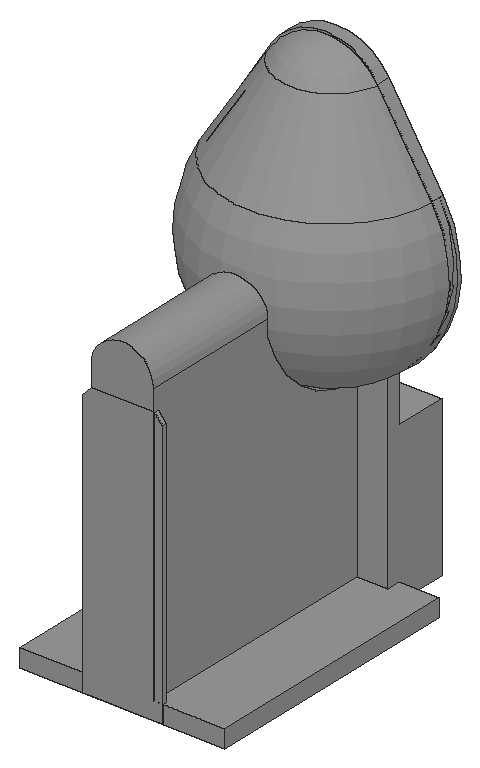
Revit family "Toilet-Willoughby-ETWS-1490-FM-BS", category Plumbing Fixtures, Revit 2015
Parameters (values of type "Standard")
  Waste DIA = 2 3/8"
  Waste Connection = yes
  W-RAD [instance] = Waste DIA / 2  # 0' - 1 3/16"
  Vent Connection = no
  URL = "https://www.willoughby-ind.com/wp-content/uploads/2018/01/ETW-1490-FM-HC.pdf"
  Type Comments = ""
  Revision = "A"
  Model = "ETW-1490-FM-BS"
  Manufacturer = "Willoughby Industries"
  HW Connection = no
  Flush inlet DIA = 1 1/2"
  Flush Inlet Connection = yes
  Fixture Body = Stainless Steel AISI 304-Willoughby
  F-RAD [instance] = Flush inlet DIA / 2  # 0' - 0 3/4"
  Description = "Floor Mounted Siphon Jet Flush Toilet, Back Spud"
  Default Elevation = 0' - 0"
  Contact Number = "(800) 428-4065"
  CW Connection = no
Reference planes (in)
  plane 1 "Base": y = -16.25
  plane 2: z = 0
  plane 3 "Center": x = 18.31072
  plane 4 "Seat HGT": y = -1.25
  plane 5: z = -6.75
  plane 6: y = -2.125
  plane 7: y = -14.0625
  plane 8 "Flush HGT": y = 0.5
  plane 9: x = 16.56072
  plane 10: x = 20.06072
  plane 11: x = 12.56072
  plane 12: x = 24.06072
  plane 13 "Waste HGT": y = -10.75
  plane 14: z = 8.875
Forms (in)
  Extrusion 1, solid, material "Stainless Steel AISI 304-Willoughby" <- "Fixture Body"
    sketch origin (16.08109, 7.47968, -5.1422) x (-1, 0, 0) y (0, 0, -1)
      loop
        line (1.29775, -16.80087) -> (1.29775, -5.1422) -> (-5.72963, -5.1422) -> (-5.72963, -16.81676)
        arc (-5.72963, -16.81676) -> (-8.98136, -21.11843) -> (-8.21015, -26.45542) r 7
        line (-8.21015, -26.45542) -> (-5.16818, -31.31054)
        arc (-5.16818, -31.31054) -> (-2.20225, -32.95225) -> (0.76368, -31.31054) r 3.5
        line (0.76368, -31.31054) -> (3.80565, -26.45542)
        arc (3.80565, -26.45542) -> (4.5729, -21.10311) -> (1.29775, -16.80087) r 7
      loop
        arc (2.03989, -24.70557) -> (-2.20225, -18.23804) -> (-6.44438, -24.70557) r 4.625
        line (-6.44438, -24.70557) -> (-4.04125, -30.23842)
        arc (-4.04125, -30.23842) -> (-2.20225, -31.45225) -> (-0.36324, -30.23842) r 2
        line (-0.36324, -30.23842) -> (2.03989, -24.70557)
    from 8.72968 to 9.5
  Revolve 2, solid, material "Stainless Steel AISI 304-Willoughby" <- "Fixture Body"
    sketch origin (19.37246, -1.52032, -1.93826) x (-1, 0, 0) y (0, 0, -1)
      loop
        line (1.06174, -12.59906) -> (1.06174, -12.84906)
        arc (1.06174, -12.84906) -> (6.96784, -16.33096) -> (6.78077, -23.18447) r 6.75
        line (6.78077, -23.18447) -> (3.81535, -27.91457)
        arc (3.81535, -27.91457) -> (2.63527, -29.03194) -> (1.06174, -29.43826) r 3.25
        line (1.06174, -29.43826) -> (1.06174, -29.68826)
        arc (1.06174, -29.68826) -> (2.75672, -29.25045) -> (4.02767, -28.04656) r 3.5
        line (4.02767, -28.04656) -> (7.06964, -23.19143)
        arc (7.06964, -23.19143) -> (7.15052, -16.14555) -> (1.06174, -12.59906) r 7
      axis (1.06174, -12.59906) -> (1.06174, -29.68826)
    angle from 0 to -180
  Extrusion 3, solid, material "Stainless Steel AISI 304-Willoughby" <- "Fixture Body"
    sketch origin (19.53334, -3.02032, -2.9508) x (0, 1, 0) y (0, 0, 1)
      loop
        line (-5.27082, 2.9508) -> (1, 2.9508) -> (1, 13.76086)
        arc (1, 13.76086) -> (-2.93256, 15.26109) -> (-5.27082, 18.76086) r 6.92744
        line (-5.27082, 18.76086) -> (-5.27082, 2.9508)
    from 0.52738 to -2.97262
  Extrusion 4, solid, material "Stainless Steel AISI 304-Willoughby" <- "Fixture Body"
    sketch origin (0, 14.59309, -3) x (1, 0, 0) y (0, 1, 0)
      loop
        circle (18.31072, -25.34309) r 1.1875
    from 5.5 to 0
  Extrusion 5, solid, material "Stainless Steel AISI 304-Willoughby" <- "Fixture Body"
    sketch origin (18.31072, 0, -1) x (0, 1, 0) y (0, 0, 1)
      loop
        line (-1.25, 1) -> (1.75, 1) -> (1.75, 9.875) -> (-1.25, 9.875) -> (-1.25, 1)
    from -3.52738 to 3.5
  Extrusion 6, solid, material "Stainless Steel AISI 304-Willoughby" <- "Fixture Body"
    sketch origin (0, 0, 0) x (1, 0, 0) y (0, 1, 0)
      loop
        circle (18.31072, 0.5) r 0.75
    from 0 to 1
  Extrusion 7, solid, material "Stainless Steel AISI 304-Willoughby" <- "Fixture Body"
    sketch origin (0, -16.25, 0) x (1, 0, 0) y (0, 0, 1)
      loop
        line (24.06072, 0) -> (24.06072, 1) -> (12.56072, 1) -> (12.56072, 0) -> (24.06072, 0)
    from -15 to 0
  Extrusion 8, solid, material "Stainless Steel AISI 304-Willoughby" <- "Fixture Body"
    sketch origin (0, -16.25, 2) x (1, 0, 0) y (0, 0, 1)
      loop
        line (20.06072, -2) -> (20.06072, 14.68252)
        arc (20.06072, 14.68252) -> (18.31072, 16.43252) -> (16.56072, 14.68252) r 1.75
        line (16.56072, 14.68252) -> (16.56072, -2) -> (20.06072, -2)
    from 0 to -7.95886
  Extrusion 9, solid, material "Stainless Steel AISI 304-Willoughby" <- "Fixture Body"
    sketch origin (0, -16.25, 0) x (1, 0, 0) y (0, 0, 1)
      loop
        line (20.06072, 0) -> (20.56072, 0) -> (20.56072, 15) -> (20.06072, 15.5) -> (16.56072, 15.5) -> (16.06072, 15) -> (16.06072, 0) -> (16.56072, 0) -> (20.06072, 0)
    from 0 to -0.25
Cuts and joins
  joined: Extrusion 1, Extrusion 3, Extrusion 5, Extrusion 7, Extrusion 8
Lines and regions (in)
  symbolic lines
    curve 1: line (11.28334, -2.02032, 0) -> (11.28334, -1.25, 0)
    curve 2: line (11.28334, -1.25, 0) -> (25.28334, -1.25, 0)
    curve 3: line (25.28334, -1.25, 0) -> (25.28334, -2.02032, 0)
    curve 4: arc (25.28334, -2.02032, 0) -> (23.10884, -6.6633, 0) -> (18.31072, -8.46988, 0) r 6.80317
    curve 5: arc (18.31072, -8.46988, 0) -> (13.52391, -6.63228, 0) -> (11.28334, -2.02032, 0) r 6.98154
    curve 6: line (24.06072, -5.57312, 0) -> (24.06072, -16.25, 0)
    curve 7: line (24.06072, -16.25, 0) -> (12.56072, -16.25, 0)
    curve 8: line (12.56072, -16.25, 0) -> (12.56072, -5.54271, 0)
    curve 9: line (20.06072, -8.28823, 0) -> (20.06072, -16.25, 0)
    curve 10: line (16.56072, -8.26408, 0) -> (16.56072, -16.25, 0)
    curve 11: line (16.56072, -16, 0) -> (16.06072, -16, 0)
    curve 12: line (16.06072, -16, 0) -> (16.06072, -16.25, 0)
    curve 13: line (20.06072, -16, 0) -> (20.56072, -16, 0)
    curve 14: line (20.56072, -16, 0) -> (20.56072, -16.25, 0)
    curve 15: line (14.78334, -16.25, 11.65867) -> (14.78334, -16.25, 0)
    curve 16: line (21.81072, -16.25, 11.67456) -> (21.81072, -16.25, 0)
    curve 17: line (21.81072, -16.25, 0) -> (14.78334, -16.25, 0)
    curve 18: line (14.78334, -16.25, 1) -> (12.56072, -16.25, 1)
    curve 19: line (12.56072, -16.25, 1) -> (12.56072, -16.25, 0)
    curve 20: line (21.81072, -16.25, 1) -> (24.06072, -16.25, 1)
    curve 21: line (24.06072, -16.25, 1) -> (24.06072, -16.25, 0)
    curve 23: arc (21.81072, -16.25, 11.67456) -> (25.08309, -16.25, 15.93539) -> (24.31862, -16.25, 21.25317) r 6.91677
    curve 24: line (24.31862, -16.25, 21.25317) -> (21.25205, -16.25, 26.1639)
    curve 25: arc (21.25205, -16.25, 26.1639) -> (19.99152, -16.25, 27.34663) -> (18.31072, -16.25, 27.75) r 3.3743
    curve 26: arc (18.31072, -16.25, 27.75) -> (16.6278, -16.25, 27.31167) -> (15.31741, -16.25, 26.16835) r 3.79289
    curve 27: line (15.31741, -16.25, 26.16835) -> (12.35249, -16.25, 21.43905)
    curve 28: arc (12.35249, -16.25, 21.43905) -> (11.49002, -16.25, 16.03241) -> (14.78334, -16.25, 11.65867) r 7
    curve 34: line (18.31072, -8.46852, 18.44021) -> (18.31072, -16.25, 18.44021)
    curve 35: line (18.31072, -16.25, 18.44021) -> (18.31072, -16.25, 0)
    curve 36: line (18.31072, -16.25, 0) -> (18.31072, 1.75, 0)
    curve 37: line (18.31072, 1.75, 0) -> (18.31072, 1.75, 8.875)
    curve 38: line (18.31072, 1.75, 8.875) -> (18.31072, -1.25, 8.875)
    curve 39: line (18.31072, -1.25, 8.875) -> (18.31072, -1.25, 27.81005)
    curve 40: line (18.31072, -1.25, 27.81005) -> (18.31072, -2.02032, 27.81005)
    curve 41: arc (18.31072, -2.02032, 27.81005) -> (18.31072, -3.34572, 27.26246) -> (18.31072, -4.38505, 26.27438) r 3.91547
    curve 42: line (18.31072, -4.38505, 26.27438) -> (18.31072, -7.52822, 21.25317)
    curve 43: arc (18.31072, -7.52822, 21.25317) -> (18.31072, -8.16561, 19.90259) -> (18.31072, -8.46852, 18.44021) r 6.32393
    curve 44: arc (18.31072, -8.29114, 15.81005) -> (18.31072, -8.29902, 17.13058) -> (18.31072, -8.46852, 18.44021) r 10.76525
    curve 45: arc (18.31072, -8.29114, 15.81005) -> (18.31072, -5.95289, 12.31029) -> (18.31072, -2.02032, 10.81005) r 6.92744
    curve 46: line (18.31072, -2.02032, 10.81005) -> (18.31072, -2.02032, 11.65867)
    curve 47: line (18.31072, -2.02032, 11.65867) -> (18.31072, -1.25, 11.65867)
    curve 48: line (18.31072, -2.02032, 10.81005) -> (18.31072, -2.02032, 1)
    curve 49: line (18.31072, -1.25, 0) -> (18.31072, -1.25, 1)
    curve 50: line (18.31072, -1.25, 1) -> (18.31072, -16.25, 1)
  symbolic lines, detail levels medium+fine
    curve 22: line (21.81072, -16.25, 8.875) -> (14.78334, -16.25, 8.875)
  symbolic lines, detail levels fine
    curve 29: arc (14.0412, -16.25, 19.56337) -> (18.28334, -16.25, 13.09585) -> (22.52547, -16.25, 19.56337) r 4.625
    curve 30: line (22.52547, -16.25, 19.56337) -> (20.12234, -16.25, 25.09622)
    curve 31: arc (20.12234, -16.25, 25.09622) -> (19.38317, -16.25, 25.97635) -> (18.28334, -16.25, 26.31005) r 2.01767
    curve 32: arc (18.28334, -16.25, 26.31005) -> (17.17969, -16.25, 25.98213) -> (16.44433, -16.25, 25.09622) r 1.9827
    curve 33: line (16.44433, -16.25, 25.09622) -> (14.0412, -16.25, 19.56337)
Dimensions and locks (in)
  plane 1 "Base" to plane 4 "Seat HGT" = 1' - 3"
  plane 13 "Waste HGT" to plane 1 "Base" = 0' - 5 1/2"
  plane 1 "Base" to plane 13 "Waste HGT" = 0' - 5 1/2"
  plane 1 "Base" to plane 8 "Flush HGT" = 1' - 4 3/4"
  plane 11 to plane 12 = 0' - 11 1/2"
  plane 11 to plane 3 "Center" = 0' - 5 3/4"
  "W-RAD": radius of Extrusion 4 sketch curve
  "F-RAD": radius of Extrusion 6 sketch curve
  aligned and locked: plane 3 "Center" to Extrusion 4 sketch curve
  aligned and locked: plane 8 "Flush HGT" to Extrusion 6 sketch curve
  aligned and locked: plane 3 "Center" to Extrusion 6 sketch curve
  aligned and locked: plane 13 "Waste HGT" to Extrusion 4 sketch curve
  aligned and locked: level to cut or joined group of Extrusion 1, Extrusion 3, Extrusion 5, Extrusion 7, Extrusion 8
  aligned and locked: cut or joined group of Extrusion 1, Extrusion 3, Extrusion 5, Extrusion 7, Extrusion 8 to cut or joined group of Extrusion 1, Extrusion 3, Extrusion 5, Extrusion 7, Extrusion 8  (x2)
Automatic sketch dimensions
  Extrusion 1 sketch curve to Extrusion 1 sketch curve = 0' - 0"  (x8)
  level to Extrusion 1 sketch curve = 0' - 0"
  plane 3 "Center" to Extrusion 1 sketch curve = 0' - 5.98052"
  Extrusion 1 sketch curve to Extrusion 1 sketch curve = 0' - 1.76576"  (x2)
  plane 3 "Center" to Extrusion 1 sketch curve = 0' - 3 1/2"
  plane 3 "Center" to Extrusion 1 sketch curve = 0' - 2.93855"
  Extrusion 1 sketch curve to Extrusion 1 sketch curve = 0' - 1.12693"  (x2)
  Extrusion 1 sketch curve to plane 3 "Center" = 0' - 0.02738"  (x2)
  Extrusion 1 sketch curve to plane 3 "Center" = 0' - 1.86639"
  Extrusion 1 sketch curve to plane 3 "Center" = 0' - 3.52738"
  Extrusion 1 sketch curve to plane 3 "Center" = 0' - 4 69/256"
  Extrusion 1 sketch curve to Extrusion 1 sketch curve = 0' - 11.65867"
  Extrusion 1 sketch curve to Extrusion 1 sketch curve = 0' - 0.01589"
  Extrusion 1 sketch curve to Extrusion 1 sketch curve = 0' - 6.06218"
  Extrusion 1 sketch curve to Extrusion 1 sketch curve = 0' - 1.74985"
  Extrusion 1 sketch curve to Extrusion 1 sketch curve = 0' - 4.74668"
  Extrusion 1 sketch curve to Extrusion 1 sketch curve = 0' - 0.78617"
  Extrusion 1 sketch curve to Extrusion 1 sketch curve = 0' - 1.07212"
  Revolve 2 sketch curve to Revolve 2 sketch curve = 0' - 0"  (x2)
  Revolve 2 sketch curve to plane 3 "Center" = 0' - 0"  (x3)
  plane 3 "Center" to Revolve 2 sketch curve = 0' - 0"
  Revolve 2 sketch curve to plane 3 "Center" = 0' - 2.75361"
  Revolve 2 sketch curve to Revolve 2 sketch curve = 0' - 0.21232"
  Revolve 2 sketch curve to Revolve 2 sketch curve = 0' - 2.96542"
  Revolve 2 sketch curve to Revolve 2 sketch curve = 0' - 0.28887"
  level to Revolve 2 sketch curve = 2' - 3 3/4"
  Revolve 2 sketch curve to Revolve 2 sketch curve = 0' - 0 1/4"
  Revolve 2 sketch curve to Revolve 2 sketch curve = 0' - 1.3917"
  Revolve 2 sketch curve to Revolve 2 sketch curve = 0' - 0.13199"
  Revolve 2 sketch curve to Revolve 2 sketch curve = 0' - 4.85513"
  Revolve 2 sketch curve to Revolve 2 sketch curve = 0' - 0.00696"
  Revolve 2 sketch curve to Revolve 2 sketch curve = 0' - 3 1/4"
  Revolve 2 sketch curve to Revolve 2 sketch curve = 0' - 3.3392"
  Revolve 2 sketch curve to Revolve 2 sketch curve = 0' - 2.4108"
  level to Extrusion 3 sketch curve = 0' - 0"
  plane 6 to Extrusion 3 sketch curve = 0' - 0.10468"
  plane 4 "Seat HGT" to Extrusion 3 sketch curve = 0' - 0.38413"
  Extrusion 3 sketch curve to Extrusion 3 sketch curve = 0' - 10.81005"
  Extrusion 3 sketch curve to Extrusion 3 sketch curve = 0' - 5"
  Extrusion 5 sketch curve to level = 0' - 0"
  Extrusion 5 sketch curve to plane 4 "Seat HGT" = 0' - 0"
  Extrusion 5 sketch curve to plane 8 "Flush HGT" = 0' - 1 1/4"
  level to Extrusion 5 sketch curve = 0' - 8 7/8"
  Extrusion 7 sketch curve to level = 0' - 0"
  level to Extrusion 7 sketch curve = 0' - 1"
  plane 11 to Extrusion 7 sketch curve = 0' - 0"
  Extrusion 7 sketch curve to plane 12 = 0' - 0"
  level to Extrusion 8 sketch curve = 0' - 0"
  Extrusion 8 sketch curve to plane 10 = 0' - 0"
  level to Extrusion 8 sketch curve = 1' - 4.68252"
  plane 9 to Extrusion 8 sketch curve = 0' - 0"
  Extrusion 3 sketch curve to Extrusion 3 sketch curve = 0' - 6.27082"
  Extrusion 9 sketch curve to level = 0' - 0"
  Extrusion 9 sketch curve to plane 9 = 0' - 0"  (x2)
  Extrusion 9 sketch curve to plane 10 = 0' - 0"  (x2)
  Extrusion 9 sketch curve to Extrusion 9 sketch curve = 0' - 0 1/2"  (x3)
  plane 10 to Extrusion 9 sketch curve = 0' - 0 1/2"
  plane 14 to Extrusion 9 sketch curve = 0' - 6 1/8"
  plane 4 "Seat HGT" to curve 1 = 0' - 0"
  plane 1 "Base" to curve 7 = 0' - 0"
  curve 7 to plane 11 = 0' - 0"
  curve 10 to plane 9 = 0' - 0"
  curve 5 to plane 3 "Center" = 0' - 0"
  curve 13 to plane 10 = 0' - 0"
  curve 6 to plane 12 = 0' - 0"
  plane 6 to curve 1 = 0' - 0.10468"
  curve 1 to plane 11 = 0' - 1.27738"
  curve 5 to plane 3 "Center" = 0' - 0.06612"
  plane 3 "Center" to curve 4 = 0' - 0.17853"
  curve 14 to plane 1 "Base" = 0' - 0 1/4"
  plane 10 to curve 14 = 0' - 0 1/2"
  plane 6 to curve 3 = 0' - 0.10468"
  plane 12 to curve 3 = 0' - 1.22262"
  plane 4 "Seat HGT" to curve 4 = 0' - 0.41905"
  curve 12 to plane 9 = 0' - 0 1/2"
  curve 10 to curve 11 = 0' - 0 1/4"
  curve 28 to curve 29 = 0' - 0"  (x2)
  curve 19 to plane 11 = 0' - 0"
  curve 15 to level = 0' - 0"
  curve 22 to plane 14 = 0' - 0"
  curve 26 to plane 3 "Center" = 0' - 0"
  curve 25 to plane 3 "Center" = 0' - 0"
  curve 21 to plane 12 = 0' - 0"
  curve 21 to level = 0' - 0"
  curve 19 to level = 0' - 0"
  curve 27 to plane 11 = 0' - 0.20823"
  curve 15 to plane 9 = 0' - 1.77738"
  curve 27 to plane 9 = 0' - 1.24331"
  curve 31 to plane 3 "Center" = 0' - 0.03902"
  curve 31 to curve 32 = 0' - 0.0002"
  curve 28 to plane 3 "Center" = 0' - 0.02738"
  plane 3 "Center" to curve 25 = 0' - 0.07924"
  plane 3 "Center" to curve 23 = 0' - 0.08114"
  plane 3 "Center" to curve 26 = 0' - 0.08907"
  plane 10 to curve 30 = 0' - 0.06162"
  plane 10 to curve 24 = 0' - 1.19133"
  plane 10 to curve 16 = 0' - 1 3/4"
  curve 30 to plane 12 = 0' - 1.53525"
  plane 12 to curve 24 = 0' - 0.2579"
  level to curve 18 = 0' - 1"
  curve 21 to curve 21 = 0' - 1"
  plane 14 to curve 15 = 0' - 2.78367"
  plane 14 to curve 16 = 0' - 2.79956"
  curve 16 to curve 23 = 0' - 6.01275"
  curve 23 to curve 29 = 0' - 0.03353"
  curve 30 to curve 23 = 0' - 1.6898"
  curve 30 to curve 26 = 0' - 4.39478"
  curve 26 to curve 31 = 0' - 0.33426"
  curve 31 to curve 32 = 0' - 0.03496"
  curve 32 to curve 25 = 0' - 0.04925"
  curve 30 to curve 25 = 0' - 1.06768"
  plane 11 to curve 33 = 0' - 1 123/256"
  curve 32 to plane 9 = 0' - 0.11639"
  curve 32 to curve 31 = 0' - 0"
  curve 50 to plane 1 "Base" = 0' - 0"
  curve 47 to plane 4 "Seat HGT" = 0' - 0"
  curve 49 to plane 4 "Seat HGT" = 0' - 0"
  curve 37 to plane 14 = 0' - 0"
  curve 37 to level = 0' - 0"
  plane 1 "Base" to curve 44 = 0' - 2.78986"
  plane 13 "Waste HGT" to curve 34 = 0' - 2.28148"
  curve 43 to curve 42 = 0' - 0.9403"
  curve 42 to plane 6 = 0' - 2.26005"
  curve 43 to plane 6 = 0' - 0.0429"
  plane 6 to curve 40 = 0' - 0.10468"
  plane 6 to curve 48 = 0' - 0.10468"
  plane 4 "Seat HGT" to curve 45 = 0' - 0.38413"
  curve 41 to plane 4 "Seat HGT" = 0' - 0.0368"
  curve 37 to plane 8 "Flush HGT" = 0' - 1 1/4"
  plane 14 to curve 48 = 0' - 1.93505"
  curve 46 to curve 47 = 0' - 0.84862"
  plane 14 to curve 44 = 0' - 7.53121"
  curve 47 to curve 45 = 0' - 6.06805"
  curve 45 to curve 43 = 0' - 0.171"
  curve 44 to curve 34 = 0' - 2.034"
  curve 43 to curve 41 = 0' - 6.08095"
  curve 41 to curve 42 = 0' - 2.29571"
  curve 49 to curve 50 = 0' - 1"
Connectors (in)
  piping at (18.31072, -10.75, -3), diameter 2.375, driven by "W-RAD", driven by "Waste Connection"
    settings: on Extrusion 4, index 1, connector inside diameter 2 1/2", connector length 0' - 0", flow factor 0, pipe flow 0 GPM, pressure drop 0.00 psi, fitting loss kfactor 0, connector angle 0.00°, fixture units 0, engagement length 0' - 0", angle of deflection 0.00°, flow configuration 0, flow direction 2, fitting loss method 0, system type 16, joint type 0, gender type 0, connector reference index -1, connector utility 1, adjustable connector yes, is connector primary yes, connector description "Toilet Waste"
  piping at (18.31072, 0.5, 1), diameter 1.5, driven by "F-RAD", driven by "Flush Inlet Connection"
    settings: on Extrusion 6, index 2, connector inside diameter 1 1/2", connector length 0' - 0", flow factor 0, pipe flow 0 GPM, pressure drop 0.00 psi, fitting loss kfactor 0, connector angle 0.00°, fixture units 0, engagement length 0' - 0", angle of deflection 0.00°, flow configuration 0, flow direction 1, fitting loss method 0, system type 20, joint type 0, gender type 0, connector reference index -1, connector utility 1, adjustable connector no, is connector primary no, connector description "Flush Inlet"
